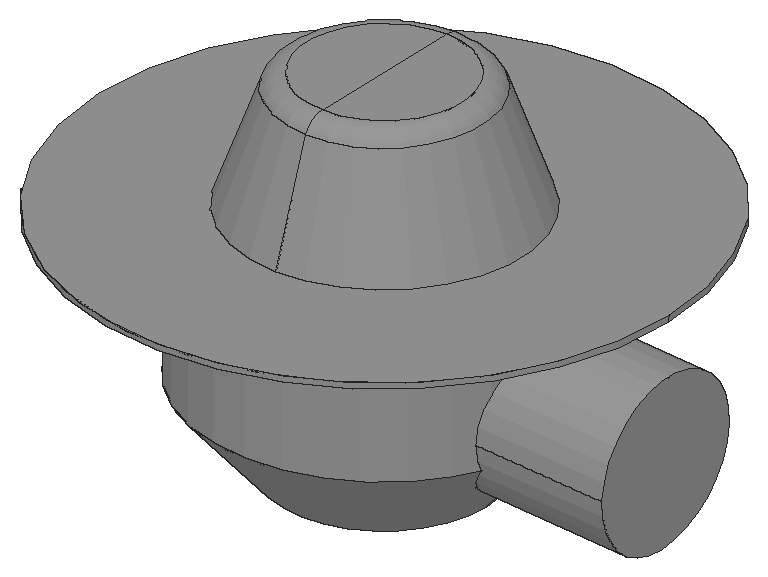
Revit family "HL_Dachablauf_HL64F-B-221103", category Instalační zařizovací předměty, Revit 2021
Family settings
  Kóta kulaté spojky = Použít průměr
  Typ dílu = Normální
  Číslo OmniClass = 23.70.50.21.24.14
  Nadpis OmniClass = Deck Waste Water Drains
  Založené na pracovní rovině = Ne
  Vždy vertikální = Ano
  Ořezat dutým tvarem při načtení = Ne
  Sdílené = Ne
  Bod výpočtu místnosti = Ano
Parameters (values of type "HL_Dachablauf_HL64F_1")
  Výchozí výška = 0 mm
  Výrobce = "HL Hutterer & Lechner GmbH"  # constant formula
  VOLUMENSTROM [instance] = 0.0 L/s
  URL = "http://www.hutterer-lechner.com/de/products/catalog/roof-drains/HL64F/1.aspx"
  RECHTSAUSKUNFT = "Urheberrechte (©), Designrechte und alle anderen Rechte am geistigen Eigentum, sind ausschließlich Eigentum der Firma HL Hutterer&Lechner GmbH. Änderungen sind nicht gestattet. Die Familien (Teile) sind mit Wasserzeichen geschützt."
  MATERIAL = "PP"
  LEISTUNG = "7,8 l/s"
  GEWICHT = "0,872 [kg]"
  EINLAUFROST = "Laubfangkorb d 145 mm"
  EAN = "9003076031702"
  DURCHMESSER = 100 mm
  DIMENSION = "DN10"
  Abdeckung Material [instance] = none
  Přípoj ventilace = no
  Přípoj odpadních dílů = yes
  Přípoj HW = no
  Přípoj CW = no
  Popis = "Dachabläufe"
  Model = "HL64F_1"
  Assembly Code = " "
  Komentáře k typům = "HL64F/1 Dachablauf DN110 waagrecht mit PP_Kragen,"
  Keynote = "HL64F_1"
  Einbauhöhe [instance] = 0 mm
  G [instance] = 90.00°  # constant formula
  D [instance] = if(DURCHMESSER = 75 mm, 162.8 mm, 178 mm)  # 178 mm
  C [instance] = if(Einbauhöhe - 68 mm < 0 mm, 0 mm, Einbauhöhe - 68 mm)  # 0 mm
  B [instance] = Einbauhöhe + if(DURCHMESSER = 75 mm, 101 mm, 84 mm)  # 84 mm
  A [instance] = if(B - 100 mm > 15 mm, B - 100 mm, 15 mm)  # 15 mm
Types (3, lengths in mm): name | URL | LEISTUNG | GEWICHT | EAN | DURCHMESSER | DIMENSION | Model | Komentáře k typům | Keynote | D | B
  (no name) | "http://www.hutterer-lechner.com/de/products/catalog/roof-drains/HL64F/7.aspx" | "6,9l/s" | "0,761 [kg]" | "9003076031689" | 75 | "DN75" | "HL64F_7" | "HL64F/7 Dachablauf DN75 waagrecht mit PP_Kragen," | "HL64F_7" | 162.8 | 101
  HL_Dachablauf_HL64F_1 | "http://www.hutterer-lechner.com/de/products/catalog/roof-drains/HL64F/1.aspx" | "7,8 l/s" | "0,872 [kg]" | "9003076031702" | 100 | "DN10" | "HL64F_1" | "HL64F/1 Dachablauf DN110 waagrecht mit PP_Kragen," | "HL64F_1" | 178 | 84
  HL_Dachablauf_HL64F_7 | "http://www.hutterer-lechner.com/de/products/catalog/roof-drains/HL64F/7.aspx" | "6,9l/s" | "0,761 [kg]" | "9003076031689" | 75 | "DN75" | "HL64F_7" | "HL64F/7 Dachablauf DN75 waagrecht mit PP_Kragen," | "HL64F_7" | 162.8 | 101
Reference planes
  plane 1 "Center (Front/Back)": y = 0
  plane 2: z = 0
  plane 3 "Center (Left/Right)": x = 0
  plane 4: z = -84
  plane 5: z = 0
Lines and regions (mm)
  model lines, style "InvisibleLines"
    curve 1: line (0, 0, 0) -> (0, 0, 20)
  model lines, style "PlumbingFixtures", detail levels coarse+medium
    curve 2: line (0, 0, -84) -> (0, 0, -69)
    curve 3: line (0, 0, -69) -> (-69, 0, 0)
    curve 4: line (0, 0, -69) -> (69, 0, 0)
    curve 6: line (0, 0, -84) -> (178, 0, -84)
  reference lines, not visible
    curve 5: line (0, 0, -84) -> (178, 0, -84)
  symbolic lines, style "PlumbingFixtures", detail levels coarse+medium
    curve 7: line (-75, 75, 0) -> (75, 75, 0)
    curve 8: line (-75, -75, 0) -> (-75, 75, 0)
    curve 9: line (75, -75, 0) -> (-75, -75, 0)
    curve 10: line (75, 75, 0) -> (75, -75, 0)
    curve 11: line (-75, 75, 0) -> (-145.711, 145.711, 0)
    curve 12: line (75, 75, 0) -> (145.711, 145.711, 0)
    curve 13: line (-75, -75, 0) -> (-145.711, -145.711, 0)
    curve 14: line (75, -75, 0) -> (145.711, -145.711, 0)
  symbolic lines, style "PlumbingFixtures", not visible, detail levels coarse+medium
    curve 15: line (-75, 75, 0) -> (75, 75, 0)
    curve 16: line (-75, -75, 0) -> (-75, 75, 0)
    curve 17: line (75, -75, 0) -> (-75, -75, 0)
    curve 18: line (75, 75, 0) -> (75, -75, 0)
    curve 19: line (-75, 75, 0) -> (-145.711, 145.711, 0)
    curve 20: line (75, 75, 0) -> (145.711, 145.711, 0)
    curve 21: line (-75, -75, 0) -> (-145.711, -145.711, 0)
    curve 22: line (75, -75, 0) -> (145.711, -145.711, 0)
Text (mm)
  text "FLOOR" at (-162.344, 0, -10.979), in view "Drain Construction View"
Dimensions and locks
  "B": plane 2 to plane 4
  "Einbauhöhe": plane 2 to plane 5
  "A": curve 4 to plane 4
  "D": curve 5 to curve 5
  "D": curve 6 to curve 6
  locked: curve 4 to plane 3 "Center (Left/Right)" (angle 45.00°)
  locked: plane 3 "Center (Left/Right)" to curve 3 (angle 45.00°)
  "G": angle curve 5 to plane 3 "Center (Left/Right)"
  aligned and locked: level to plane 2
  aligned and locked: plane 2 to curve 4
  aligned and locked: plane 2 to curve 3
  aligned and locked: plane 4 to curve 5
  aligned and locked: plane 3 "Center (Left/Right)" to curve 5
  aligned and locked: plane 4 to curve 2
  aligned and locked: plane 3 "Center (Left/Right)" to curve 6
  aligned and locked: plane 4 to curve 6
  aligned and locked: nested 1 to plane 5
  aligned and locked: plane 2 to nested 2
  aligned and locked: plane 3 "Center (Left/Right)" to nested 2
Automatic sketch dimensions
  curve 2 to plane 3 "Center (Left/Right)" = 0 mm
  curve 1 to plane 3 "Center (Left/Right)" = 0 mm
  curve 1 to level = 0 mm
  level to curve 1 = 20 mm
Nested families
  nested 1: "HL_Dachablaufkörper_HL64F" at (0, 0, 0), DURCHMESSER <- "DURCHMESSER", type "HL_Dachablaufkörper_HL64F"
    with L 178 mm, DURCHMESSER 100 mm, B 84 mm, A 75 mm
  nested 2: "HL_Zubehör_HL062.1E" at (0, 0, 0), type "HL_Zubehör_HL062.1E"
Connectors
  piping at (178, 0, -84), diameter 100, driven by "VOLUMENSTROM", driven by "DURCHMESSER"
    settings: on curve 5, index 1, connector inside diameter 609.6 mm, connector length 0 mm, flow factor 0, pipe flow 0.0 L/s, pressure drop 0.0 Pa, fitting loss kfactor 0, connector angle 0.00°, fixture units 0, engagement length 0 mm, angle of deflection 0.00°, flow configuration 1, flow direction 2, fitting loss method 0, system type 16, joint type 0, gender type 0, connector reference index -1, connector utility 0, adjustable connector yes, is connector primary yes, connector description ""
Definition of nested family "HL_Dachablaufkörper_HL64F"
  Parameters (values of type "HL_Dachablaufkörper_HL64F")
    Default Elevation = 0 mm
    Manufacturer = ""
    URL = ""
    Description = ""
    Model = ""
    L [instance] = if(DURCHMESSER = 75 mm, 164 mm, 178 mm)  # 178 mm
    Type Comments = ""
    DURCHMESSER [instance] = 110 mm
    Cost = 0
    B [instance] = if(DURCHMESSER = 75 mm, 101.3 mm, 84 mm)  # 84 mm
    A [instance] = if(DURCHMESSER = 75 mm, 92.3 mm, 75 mm)  # 75 mm
  Reference planes
    plane 1 "Střed (vpředu/vzadu)": y = 0
    plane 2: z = 0
    plane 3 "Střed (vlevo/vpravo)": x = 0
  Forms (mm)
    Extrusion 1, solid, detail levels fine
      sketch origin (-0.006, -0.073, 0) x (1, 0, 0) y (0, 1, 0)
        loop
          circle (0, 0) r 180
        loop
          circle (0, 0) r 78.913
      from 0 to -3.5
    Extrusion 2, solid, detail levels fine
      sketch origin (-0.006, -0.073, -3.5) x (0, 1, 0) y (1, 0, 0)
        loop
          circle (0, 0) r 140
      from 0 to 18
    Extrusion 3, solid, detail levels fine
      sketch origin (-0.006, -0.073, -21.5) x (-1, 0, 0) y (0, 1, 0)
        loop
          circle (0, 0) r 110
      from 0 to 73.906
    Blend 4, solid, detail levels fine
      base sketch origin (-0.006, -0.073, -95.406) x (0, -1, 0) y (1, 0, 0)
        loop
          circle (0, 0) r 110
      top sketch origin (-0.006, -0.073, -95.406) x (0, -1, 0) y (1, 0, 0)
        loop
          circle (0, 0) r 65
      from 0 to -53
    Revolve 5, void
      sketch origin (-0.006, -0.073, 0) x (1, 0, 0) y (0, 0, 1)
        loop
          line (-78.913, 0) -> (-78.913, -16.281) -> (-74.694, -23.588) -> (-74.694, -24.914) -> (-75.511, -24.914) -> (-75.511, -30.304) -> (-64.679, -30.304) -> (-64.679, -32.804) -> (0, -32.804) -> (0, 0) -> (-78.913, 0)
        axis (0, 0) -> (0, -32.804)
      angle from 0 to 360
    Extrusion 6, solid, detail levels fine
      sketch origin (179.329, 0, -54.515) x (0, -1, 0) y (-0.050544, 0, -0.998722)
        loop
          circle (0, 29.523) r 55
      from -0.064 to -99.364
  Cuts and joins
    Revolve 5 cuts Extrusion 1
    Revolve 5 cuts Extrusion 2
    Revolve 5 cuts Extrusion 3
  Lines and regions (mm)
    reference lines
      curve 1: line (0, 0, -75) -> (177.837, 0, -84)
  Dimensions and locks
    "B": plane 2 to curve 1
    "A": plane 2 to curve 1
    "L": Extrusion 6 to curve 1
    "DURCHMESSER": diameter of Extrusion 6 sketch curve
    aligned and locked: level to plane 2
    aligned and locked: plane 3 "Střed (vlevo/vpravo)" to curve 1
  Automatic sketch dimensions
    Extrusion 1 sketch curve to Extrusion 1 sketch curve = 0 mm  (x2)
    Extrusion 1 sketch curve to plane 3 "Střed (vlevo/vpravo)" = 0.006 mm
    plane 1 "Střed (vpředu/vzadu)" to Extrusion 1 sketch curve = 0.073 mm
    Revolve 5 sketch curve to level = 0 mm
    Revolve 5 sketch curve to plane 3 "Střed (vlevo/vpravo)" = 78.919 mm
    Revolve 5 sketch curve to Revolve 5 sketch curve = 3.401 mm
    Revolve 5 sketch curve to Revolve 5 sketch curve = 0.817 mm
    Revolve 5 sketch curve to Revolve 5 sketch curve = 10.833 mm
    Revolve 5 sketch curve to plane 3 "Střed (vlevo/vpravo)" = 0.006 mm  (x2)
    Revolve 5 sketch curve to level = 16.281 mm
    Revolve 5 sketch curve to Revolve 5 sketch curve = 7.307 mm
    Revolve 5 sketch curve to Revolve 5 sketch curve = 1.326 mm
    Revolve 5 sketch curve to Revolve 5 sketch curve = 5.39 mm
    Revolve 5 sketch curve to level = 32.804 mm
    level to Revolve 5 sketch curve = 25 mm
    Revolve 5 sketch curve to Revolve 5 sketch curve = 50 mm
    plane 3 "Střed (vlevo/vpravo)" to curve 1 = 177.837 mm
    Extrusion 6 sketch curve to plane 1 "Střed (vpředu/vzadu)" = 0 mm
    radius of Extrusion 1 sketch curve = 180 mm
    radius of Extrusion 1 sketch curve = 78.913 mm
    radius of Extrusion 2 sketch curve to Extrusion 1 = 40 mm
    radius of Extrusion 3 sketch curve to Extrusion 2 = 30 mm
    radius of Blend 4 sketch curve to Extrusion 3 = 0 mm
    radius of Blend 4 sketch curve to Extrusion 3 = 45 mm
Definition of nested family "HL_Zubehör_HL062.1E"
  Parameters (values of type "HL_Zubehör_HL062.1E")
    Default Elevation = 0 mm
    Manufacturer = "HL Hutterer & Lechner GmbH"
    URL = "http://www.hutterer-lechner.com/de/products/catalog/roof-drains/HL062.1E.aspx"
    Abdeckung Material = none
    RECHTSAUSKUNFT = "Urheberrechte (©), Designrechte und alle anderen Rechte am geistigen Eigentum, sind ausschließlich Eigentum der Firma HL Hutterer&Lechner GmbH. Änderungen sind nicht gestattet. Die Familien (Teile) sind mit Wasserzeichen geschützt."
    Description = "Dachabläufe"
    Model = "HL062.1E"
    Type Comments = "HL062.1E, Laubfangkorb"
    Keynote = "HL062.1E"
    GEWICHT = "0,097 [kg]"
    Volumenstrom [instance] = 0.0 L/s
    EAN = "9003076006212"
    Cost = 0
  Values of the unnamed type that differ from the named types
    Manufacturer = ""
    URL = ""
    RECHTSAUSKUNFT = ""
    Description = ""
    Model = ""
    Type Comments = "HL062.1E, domed plastic grate"
    Keynote = ""
  Reference planes
    plane 1 "Střed (vpředu/vzadu)": y = 0
    plane 2: z = 0
    plane 3 "Střed (vlevo/vpravo)": x = 0
  Forms (mm)
    Revolve 1, solid, detail levels fine
      sketch origin (0, 0, 0) x (0, 1, 0) y (0, 0, 1)
        loop
          line (0, 75) -> (0, 60.2) -> (47.074, 60.2) -> (68.985, 0) -> (86.249, 0) -> (61.992, 66.646)
          arc (61.992, 66.646) -> (56.733, 72.731) -> (49.016, 75) r 14.255
          line (49.016, 75) -> (0, 75)
        axis (0, 75) -> (0, 0)
      angle from 0 to 360
    Extrusion 2, solid, detail levels fine
      sketch origin (0, 0, 0) x (0, 1, 0) y (1, 0, 0)
        loop
          circle (0, 0) r 78.587
        loop
          circle (0, 0) r 70.981
      from 0 to 16.7
    Extrusion 3, solid, detail levels fine
      sketch origin (0, 0, -16.7) x (-1, 0, 0) y (0, 1, 0)
        loop
          circle (0, 0) r 70
        loop
          circle (0, 0) r 74.546
      from 0 to 12.3
  Dimensions and locks
    aligned and locked: level to plane 2
